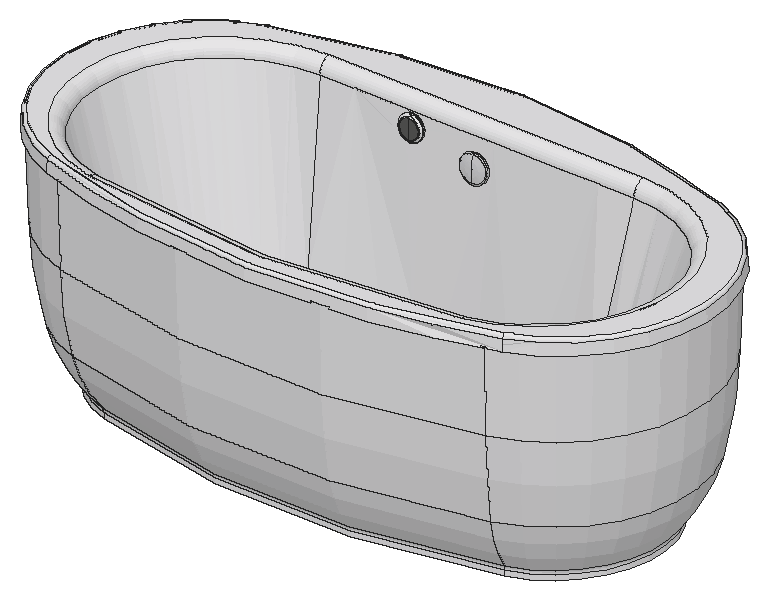
Revit family "Bath-Freestanding-BubbleMassage-Air_Bath-KOHLER-Sunstruck-K-1967", category Plumbing Fixtures, host Face, Revit 2015
Parameters (values of type "0-White")
  Width = 35 1/2"  # constant formula
  Waste Water Outlet = "Waste Water Outlet"  # constant formula
  Waste Connection = 1 = 1  # yes
  Voltage = 120 V  # constant formula
  Vent Connection = 1 = 0  # no
  URL = "https://www.us.kohler.com/us/"
  Type = 1
  Pump Electrical Connector = "Pump Electrical Connector"  # constant formula
  Product Page URL = "http://www.us.kohler.com/us/catalog/productDetails.jsp?productNumber=1967-G"
  Product Name = "Sunstruck"  # constant formula
  Product Documentation Link = "http://www.us.kohler.com/onlinecatalog/pdf/K-1967-G_spec.pdf"
  Model = if(Type = 1, "K-1967-G-0", if(Type = 2, "K-1967-G-96", "NA"))  # "K-1967-G-0"
  Material = "Acrylic"  # constant formula
  MasterFormat 2004 = "22.41.19"  # constant formula
  MasterFormat 1995 = "15410"  # constant formula
  Manufacturer Address = "444 Highland Dr, Kohler, WI 53044"  # constant formula
  Manufacturer = "KOHLER Co."  # constant formula
  Length = 65 1/2"  # constant formula
  Hot Water Inlet = "Hot Water Inlet"  # constant formula
  Height = 24 1/2"  # constant formula
  Heater Electrical Connector = "Heater Electrical Connector"  # constant formula
  HW Connection = 1 = 0  # no
  Finish = Kohler-Acrylic-0-White
  Environmental Product Declaration = ""
  Electrical Note = "One dedicated circuit required, protected with Class A Ground-Fault Circuit-Interrupter (GFCI) or Residual Current Device (RCD)"  # constant formula
  Electrical Connector = 1 = 1  # yes
  Drain Included = 1 = 0  # no
  Description = "66inch x 36inch oval freestanding BubbleMassage Air Bath with fluted shroud"  # constant formula
  Default Elevation = 0"
  Declare Label = ""
  Date Modified = "11/19/2018"  # constant formula
  Date Created = "11/19/2018"  # constant formula
  Copyright = "Copyright KOHLER Co."  # constant formula
  Contact Us = "https://www.us.kohler.com/us/static/contact.jsp"
  Cold Water Inlet = "Cold Water Inlet"  # constant formula
  CW Connection = 1 = 0  # no
  Blower Electrical Connector = "Blower Electrical Connector"  # constant formula
  Assembly Code = "D2010500"
  Apparent Load = 1800 VA  # constant formula
  Amplifier Electrical Connector = "Amplifier Electrical Connector"  # constant formula
  ADA Compliant = 1 = 0  # no
Types (3): name | Type | Model | Finish
  (no name) | 1 | "K-1967-G-0" | Kohler-Acrylic-0-White
  0-White | 1 | "K-1967-G-0" | Kohler-Acrylic-0-White
  96-Biscuit | 2 | "K-1967-G-96" | Kohler-Acrylic-96-Biscuit
Reference planes (in)
  plane 1 "Center (Front/Back)": y = 0
  plane 2: z = 0
  plane 3 "Center (Left/Right)": x = 0
  plane 4: y = 17.75
  plane 5: y = -17.75
  plane 6: x = -32.75
  plane 7: x = 32.75
  plane 8: y = 11.6875
  plane 9: y = -1.75
  plane 10: z = 24.5
Dimensions and locks (in)
  "Length": plane 6 to plane 7
  "Width": plane 5 to plane 4
  plane 8 to plane 4 = 6 1/16"
  plane 9 to plane 4 = 19 1/2"
  "Height": plane 10 to plane 2
  aligned and locked: plane 2 to host face
  aligned and locked: level to host face
Automatic sketch dimensions
  host sketch curve to host sketch curve = 96"  (x2)
Nested families (in)
  nested 1: "K-1967-G" at (0, 0, 0), type "K-1967-G"
Connectors (in)
  piping at (0, -1.75, 2.16901), diameter 1.5, driven by "Waste Connection", driven by "Waste Water Outlet"
    settings: on nested 1, index 1, connector inside diameter 24", connector length 0", flow factor 0, pipe flow 0 GPM, pressure drop 0.00 psi, fitting loss kfactor 0, connector angle 0.00°, fixture units 0, engagement length 0", angle of deflection 0.00°, flow configuration 0, flow direction 2, fitting loss method 0, system type 16, joint type 0, gender type 0, connector reference index -1, connector utility 1, adjustable connector no, is connector primary yes, connector description "Waste Water Outlet"
  electrical at (-6.48092, 13.7669, 3.14819), driven by "Voltage", driven by "Apparent Load", driven by "Electrical Connector", driven by "Blower Electrical Connector"
    settings: on nested 1, index 2, voltage 120 V, apparent load 1800 VA, apparent load phase1 0 VA, apparent load phase2 0 VA, apparent load phase3 0 VA, power factor 1, load classification "Power", number of poles 1, system type 30, power factor state 1, is connector primary yes, connector utility yes, sub classification motor no, connector description "Blower Electrical Connector"
Definition of nested family "K-1967-G"
  Parameters (values of type "K-1967-G")
    Material = none
    Drain material = none
  Reference planes (in)
    plane 1 "Center (Front/Back)": y = 0
    plane 2: z = 0
    plane 3 "Center (Left/Right)": x = 0
    plane 4: x = 32.75
    plane 5: z = 24.5
    plane 6 "A": x = -6.48092
    plane 7: z = 24.5
    plane 8: x = -32.75
    plane 9: y = 17.75
    plane 10: y = -17.75
    plane 11: y = 11.6875
    plane 12 "B": x = 6.48092
    plane 13: y = -1.75
  Forms (in)
    Sweep 1, solid, material <- "Material", detail levels medium+fine
      path origin (0, -0.04277, 0) x (1, 0, 0) y (0, 1, 0)
        loop
          arc (21.72661, -14.69696) -> (32.60257, 0.04277) -> (21.72661, 14.78251) r 15.42605
          arc (21.72661, 14.78251) -> (-0.02801, 18.06389) -> (-21.78263, 14.78251) r 73.75415
          arc (-21.78263, 14.78251) -> (-32.6586, 0.04277) -> (-21.78263, -14.69696) r 15.42605
          arc (-21.78263, -14.69696) -> (-0.02801, -17.97834) -> (21.72661, -14.69696) r 73.75415
      profile origin (-0.02801, -18.02111, 0) x (0, -1, 0) y (0, 0, 1)
        loop
          line (-0.4345, 23.13802) -> (-0.93475, 23.13802) -> (-1.19445, 14.90118)
          arc (-1.19445, 14.90118) -> (-1.54469, 10.74957) -> (-2.32929, 6.65776) r 39.58955
          arc (-2.32929, 6.65776) -> (-3.33144, 3.94972) -> (-4.91176, 1.53304) r 12.87836
          arc (-4.91176, 1.53304) -> (-5.131, 1.14887) -> (-5.20709, 0.71314) r 1.28578
          line (-5.20709, 0.71314) -> (-5.20709, 0) -> (-4.88474, 0) -> (-4.88474, 0.51602)
          arc (-4.88474, 0.51602) -> (-4.83773, 0.77736) -> (-4.7026, 1.00595) r 0.75
          arc (-4.7026, 1.00595) -> (-2.9469, 3.60328) -> (-1.84387, 6.53789) r 13.37836
          arc (-1.84387, 6.53789) -> (-1.04936, 10.68138) -> (-0.6947, 14.88542) r 40.08955
          line (-0.6947, 14.88542) -> (-0.4345, 23.13802)
    Sweep 2, solid, material <- "Material", detail levels medium+fine
      path origin (0, -0.31152, 0) x (1, 0, 0) y (0, 1, 0)
        loop
          arc (-23.11404, -13.59407) -> (0, -17.43849) -> (23.11404, -13.59407) r 71.40724
          arc (23.11404, -13.59407) -> (32.75, 0.31152) -> (23.11404, 14.21712) r 14.85153
          arc (23.11404, 14.21712) -> (0, 18.06154) -> (-23.11404, 14.21712) r 71.40724
          arc (-23.11404, 14.21712) -> (-32.75, 0.31152) -> (-23.11404, -13.59407) r 14.85153
      profile origin (0, -17.75002, 0) x (0, 1, 0) y (0, 0, 1)
        loop
          line (0.00002, 23.01054) -> (0.11383, 23.01054) -> (0.2108, 24.11893)
          arc (0.2108, 24.11893) -> (0.29095, 24.28146) -> (0.45985, 24.34714) r 0.25
          line (0.45985, 24.34714) -> (0.61532, 24.34714) -> (0.61532, 24.5) -> (0.45098, 24.5)
          arc (0.45098, 24.5) -> (0.21457, 24.40807) -> (0.10238, 24.18057) r 0.34993
          line (0.10238, 24.18057) -> (0.00002, 23.01054)
    Sweep 3, solid, material <- "Material", detail levels medium+fine
      path origin (-0.65125, 0.37045, 0) x (1, 0, 0) y (0, 1, 0)
        loop
          arc (-13.80583, -12.20259) -> (0.30466, -13.64071) -> (14.40809, -12.13485) r 68.33389
          arc (14.40809, -12.13485) -> (22.61849, -2.05633) -> (14.545, 8.13219) r 10.37734
          arc (14.545, 8.13219) -> (0.24308, 9.71884) -> (-14.04948, 8.05002) r 63.60432
          arc (-14.04948, 8.05002) -> (-22.05987, -2.17412) -> (-13.80583, -12.20259) r 10.37154
      profile origin (-0.34659, -13.27026, 0) x (-0.002401, 0.999997, 0) y (0, 0, 1)
        loop
          line (-0.24, 6.51001) -> (-0.57074, 6.51001)
          arc (-0.57074, 6.51001) -> (0.5314, 4.46811) -> (2.71442, 3.68166) r 3.25
          line (2.71442, 3.68166) -> (3.01867, 3.68166) -> (3.01867, 4.03096) -> (2.71442, 4.03096)
          arc (2.71442, 4.03096) -> (0.78606, 4.73282) -> (-0.24, 6.51001) r 3
    Revolve 4, solid, material <- "Drain material", detail levels medium+fine
      sketch origin (0, -1.53027, -0.00106) x (0, 1, 0) y (0, 0, 1)
        loop
          line (13.43649, 20.42625) -> (12.55971, 20.48756)
          arc (12.55971, 20.48756) -> (12.54804, 19.82068) -> (12.6107, 19.15665) r 5.98011
          arc (12.6107, 19.15665) -> (12.6367, 19.1057) -> (12.68808, 19.08057) r 0.09037
          line (12.68808, 19.08057) -> (13.2483, 19.00565) -> (13.25711, 19.11625)
          arc (13.25711, 19.11625) -> (13.26951, 19.14061) -> (13.2958, 19.14811) r 0.03422
          line (13.2958, 19.14811) -> (13.34664, 19.14131) -> (13.43649, 20.42625)
        axis (12.55971, 20.48756) -> (13.43649, 20.42625)
      angle from 0 to 360
    Revolve 5, solid, material <- "Material", detail levels medium+fine
      sketch origin (0, 0, 0.0625) x (0, 1, 0) y (0, 0, 1)
        loop
          line (-1.75, 3.61916) -> (-1.75, 2.10651) -> (-1, 2.10651) -> (-1, 1.93586) -> (-0.80456, 1.93586) -> (-0.80456, 3.18586) -> (-0.44439, 3.18586)
          arc (-0.44439, 3.18586) -> (-0.27573, 3.2194) -> (-0.13275, 3.31494) r 0.44072
          line (-0.13275, 3.31494) -> (0.09371, 3.5414)
          arc (0.09371, 3.5414) -> (0.17783, 3.59812) -> (0.27708, 3.61916) r 0.2656
          line (0.27708, 3.61916) -> (-1.75, 3.61916)
        axis (-1.75, 3.61916) -> (-1.75, 1.93586)
      angle from 0 to 360
    Sweep 6, solid, material <- "Material", detail levels medium+fine
      path origin (0, 0, 0) x (1, 0, 0) y (0, 1, 0)
        loop
          arc (-15.91994, 11.6875) -> (-28.29768, 0.47984) -> (-18.37017, -12.94642) r 12.43882
          arc (-18.37017, -12.94642) -> (0.12996, -14.68833) -> (18.58936, -12.55759) r 89.15619
          arc (18.58936, -12.55759) -> (28.11574, 0.76078) -> (15.91994, 11.6875) r 12.2695
          line (15.91994, 11.6875) -> (-15.91994, 11.6875)
      profile origin (0, 11.6875, 0) x (0, 1, 0) y (0, 0, 1)
        loop
          line (0.003, 23.24357) -> (0.33352, 23.24357)
          arc (0.33352, 23.24357) -> (0.68246, 24.02627) -> (1.47708, 24.34717) r 1.14428
          line (1.47708, 24.34717) -> (1.56336, 24.34717) -> (1.56336, 24.5) -> (1.27278, 24.5)
          arc (1.27278, 24.5) -> (0.37961, 24.1328) -> (0.003, 23.24357) r 1.26985
    Revolve 7, solid, material <- "Material", detail levels medium+fine
      sketch origin (-6.48092, -0.875, -0.04794) x (0, -1, 0) y (0, 0, 1)
        loop
          line (-12.3897, 23.13673) -> (-12.73416, 23.13673) -> (-12.66577, 21.84664) -> (-12.35592, 21.86307) -> (-12.40865, 22.85769) -> (-12.10825, 22.85769) -> (-12.10825, 22.89457)
          arc (-12.10825, 22.89457) -> (-12.11502, 22.91632) -> (-12.13295, 22.93038) r 0.03831
          arc (-12.13295, 22.93038) -> (-12.26362, 23.0067) -> (-12.36238, 23.12135) r 0.45913
          arc (-12.36238, 23.12135) -> (-12.37402, 23.13262) -> (-12.3897, 23.13673) r 0.03195
        axis (-12.05441, 21.87905) -> (-12.66577, 21.84664)
      angle from 0 to 360
    Revolve 8, solid, material <- "Drain material", detail levels medium+fine
      sketch origin (0, 0, 0) x (0, 1, 0) y (0, 0, 1)
        loop
          line (-1.75, 4.26235) -> (-1.75, 3.6439) -> (-0.38603, 3.6439) -> (0.06408, 4.04918)
          arc (0.06408, 4.04918) -> (0.07462, 4.09307) -> (0.03742, 4.11864) r 0.03984
          line (0.03742, 4.11864) -> (-0.18329, 4.11864)
          arc (-0.18329, 4.11864) -> (-0.24703, 4.10596) -> (-0.30106, 4.06985) r 0.16655
          line (-0.30106, 4.06985) -> (-0.40243, 3.96848)
          arc (-0.40243, 3.96848) -> (-0.45783, 3.93146) -> (-0.52319, 3.91846) r 0.17077
          line (-0.52319, 3.91846) -> (-1.20094, 3.91846) -> (-1.20094, 4.0675) -> (-0.40256, 4.0675)
          arc (-0.40256, 4.0675) -> (-0.37983, 4.07691) -> (-0.37042, 4.09963) r 0.03214
          line (-0.37042, 4.09963) -> (-0.37042, 4.14469)
          arc (-0.37042, 4.14469) -> (-0.37787, 4.16436) -> (-0.39647, 4.17416) r 0.02969
          arc (-0.39647, 4.17416) -> (-1.07196, 4.23785) -> (-1.75, 4.26235) r 11.72048
        axis (-1.75, 4.26235) -> (-1.75, 3.6439)
      angle from 0 to 360
    Revolve 9, solid, detail levels medium+fine
      sketch origin (-6.48092, -0.875, -0.04794) x (0, -1, 0) y (0, 0, 1)
        loop
          line (-12.05449, 21.87904) -> (-12.10576, 22.84617) -> (-12.37883, 22.84617) -> (-12.3268, 21.86461) -> (-12.05449, 21.87904)
        axis (-12.05449, 21.87904) -> (-12.3268, 21.86461)
      angle from 0 to 360
    Extrusion 10, solid, material <- "Material", detail levels medium+fine
      sketch origin (0, 0, 0) x (1, 0, 0) y (0, 1, 0)
        loop
          arc (-22.9063, 13.32634) -> (-32.13468, 0) -> (-22.9063, -13.32634) r 14.23621
          arc (-22.9063, -13.32634) -> (0, -17.1347) -> (22.9063, -13.32634) r 70.79193
          arc (22.9063, -13.32634) -> (32.13468, 0) -> (22.9063, 13.32634) r 14.23621
          arc (22.9063, 13.32634) -> (0, 17.1347) -> (-22.9063, 13.32634) r 70.79193
        loop
          line (15.91994, 13.25086) -> (-15.91994, 13.25086)
          arc (-15.91994, 13.25086) -> (-29.85336, 0.63458) -> (-18.67813, -14.47915) r 14.00218
          arc (-18.67813, -14.47915) -> (0.14641, -16.2516) -> (18.9295, -14.0835) r 90.71954
          arc (18.9295, -14.0835) -> (29.66971, 0.93187) -> (15.91994, 13.25086) r 13.83286
      from 24.34714 to 24.5
    Blend 11, solid, material <- "Material", detail levels medium+fine
      base sketch origin (0, 0, 0) x (1, 0, 0) y (0, 1, 0)
        loop
          arc (-14.57357, -12.39087) -> (-0.34522, -13.841) -> (13.876, -12.32256) r 68.90463
          arc (13.876, -12.32256) -> (22.53797, -1.68973) -> (14.02044, 9.05914) r 10.94807
          arc (14.02044, 9.05914) -> (-0.40981, 10.66002) -> (-14.83062, 8.97623) r 64.17506
          arc (-14.83062, 8.97623) -> (-23.28182, -1.81054) -> (-14.57357, -12.39087) r 10.94228
      top sketch origin (0, 0, 0) x (1, 0, 0) y (0, 1, 0)
        loop
          arc (18.66192, -12.88312) -> (28.44726, 0.79728) -> (15.91994, 12.02102) r 12.60302
          line (15.91994, 12.02102) -> (-15.91994, 12.02102)
          arc (-15.91994, 12.02102) -> (-28.62956, 0.51285) -> (-18.43587, -13.27341) r 12.77234
          arc (-18.43587, -13.27341) -> (0.13347, -15.02183) -> (18.66192, -12.88312) r 89.48971
      from 6.51001 to 23.24357
    Blend 12, void
      base sketch origin (0, 0, 0) x (1, 0, 0) y (0, 1, 0)
        loop
          arc (13.80695, -11.99911) -> (22.20724, -1.6875) -> (13.94702, 8.73666) r 10.61734
          arc (13.94702, 8.73666) -> (-0.40886, 10.32929) -> (-14.75535, 8.65417) r 63.84432
          arc (-14.75535, 8.65417) -> (-22.9511, -1.80656) -> (-14.50607, -12.06709) r 10.61154
          arc (-14.50607, -12.06709) -> (-0.34601, -13.51026) -> (13.80695, -11.99911) r 68.5739
      top sketch origin (0, 0, 0) x (1, 0, 0) y (0, 1, 0)
        loop
          arc (-15.91994, 11.6905) -> (-28.30066, 0.48014) -> (-18.37077, -12.94936) r 12.44182
          arc (-18.37077, -12.94936) -> (0.13, -14.69133) -> (18.59001, -12.56052) r 89.15918
          arc (18.59001, -12.56052) -> (28.11872, 0.7611) -> (15.91994, 11.6905) r 12.2725
          line (15.91994, 11.6905) -> (-15.91994, 11.6905)
      from 6.51001 to 23.24357
    Extrusion 13, solid, material <- "Material", detail levels medium+fine
      sketch origin (0, 0, 0) x (1, 0, 0) y (0, 1, 0)
        loop
          arc (-14.01373, 5.48102) -> (-19.69267, -1.76736) -> (-13.841, -8.87701) r 7.35287
          arc (-13.841, -8.87701) -> (-0.35384, -10.2516) -> (13.12657, -8.81227) r 65.31523
          arc (13.12657, -8.81227) -> (18.94865, -1.66549) -> (13.22365, 5.55929) r 7.35867
          arc (13.22365, 5.55929) -> (-0.3995, 7.07063) -> (-14.01373, 5.48102) r 60.58565
      from 3.68166 to 4.03096
    Revolve 14, void
      sketch origin (0, 0, 0) x (0, 1, 0) y (0, 0, 1)
        loop
          line (-1.75, 3.59695) -> (-0.44323, 3.59695)
          arc (-0.44323, 3.59695) -> (-0.37132, 3.61126) -> (-0.31035, 3.65199) r 0.18792
          line (-0.31035, 3.65199) -> (-0.1023, 3.86005)
          arc (-0.1023, 3.86005) -> (0.08701, 3.98654) -> (0.31031, 4.03096) r 0.58351
          line (0.31031, 4.03096) -> (-1.75, 4.03096) -> (-1.75, 3.59695)
        axis (-1.75, 3.59695) -> (-1.75, 4.03096)
      angle from 0 to 360
    Extrusion 15, solid, material <- "Material", detail levels medium+fine
      sketch origin (0, 0, 0) x (1, 0, 0) y (0, 1, 0)
        loop
          line (1.90491, -7.35311) -> (1.90491, 4.84189) -> (3.58491, 6.52189) -> (8.15491, 6.52189)
          arc (8.15491, 6.52189) -> (10.02991, 8.39689) -> (8.15491, 10.27189) r 1.875
          line (8.15491, 10.27189) -> (1.90491, 10.27189) -> (1.90491, 10.55317)
          arc (1.90491, 10.55317) -> (0, 12.45809) -> (-1.90491, 10.55317) r 1.90491
          line (-1.90491, 10.55317) -> (-1.90491, 10.27189) -> (-8.15491, 10.27189)
          arc (-8.15491, 10.27189) -> (-10.02991, 8.39689) -> (-8.15491, 6.52189) r 1.875
          line (-8.15491, 6.52189) -> (-3.58491, 6.52189) -> (-1.90491, 4.84189) -> (-1.90491, -7.35311)
          arc (-1.90491, -7.35311) -> (0, -9.25802) -> (1.90491, -7.35311) r 1.90491
        loop
          arc (20.19072, -9.76431) -> (27.39549, 0) -> (20.19072, 9.76431) r 10.21896
          arc (20.19072, 9.76431) -> (-0.02801, 12.81403) -> (-20.24675, 9.76431) r 68.54706
          arc (-20.24675, 9.76431) -> (-27.45151, 0) -> (-20.24675, -9.76431) r 10.21896
          arc (-20.24675, -9.76431) -> (-0.02801, -12.81403) -> (20.19072, -9.76431) r 68.54706
      from 0 to 0.2482
    Extrusion 16, solid, material <- "Material", detail levels medium+fine
      sketch origin (0, 0, 0) x (1, 0, 0) y (0, 0, 1)
        loop
          circle (-6.48092, 3.14819) r 0.25
      from -13.7669 to -13.54994
    Extrusion 17, solid, material <- "Material", detail levels coarse
      sketch origin (0, 0, 0) x (1, 0, 0) y (0, 1, 0)
        loop
          arc (23.11404, 13.9056) -> (0, 17.75002) -> (-23.11404, 13.9056) r 71.40724
          arc (-23.11404, 13.9056) -> (-32.75, 0) -> (-23.11404, -13.9056) r 14.85153
          arc (-23.11404, -13.9056) -> (0, -17.75002) -> (23.11404, -13.9056) r 71.40724
          arc (23.11404, -13.9056) -> (32.75, 0) -> (23.11404, 13.9056) r 14.85153
      from 0 to 24.5
    Blend 18, void
      base sketch origin (0, 0, 0) x (1, 0, 0) y (0, 1, 0)
        loop
          arc (-14.50607, -12.06709) -> (-0.34601, -13.51026) -> (13.80695, -11.99911) r 68.5739
          arc (13.80695, -11.99911) -> (22.20724, -1.6875) -> (13.94702, 8.73666) r 10.61734
          arc (13.94702, 8.73666) -> (-0.40886, 10.32929) -> (-14.75535, 8.65417) r 63.84432
          arc (-14.75535, 8.65417) -> (-22.9511, -1.80656) -> (-14.50607, -12.06709) r 10.61154
      top sketch origin (0, 0, 0) x (1, 0, 0) y (0, 1, 0)
        loop
          arc (-18.37077, -12.94936) -> (0.13, -14.69133) -> (18.59001, -12.56052) r 89.15918
          arc (18.59001, -12.56052) -> (28.11872, 0.7611) -> (15.91994, 11.6905) r 12.2725
          line (15.91994, 11.6905) -> (-15.91994, 11.6905)
          arc (-15.91994, 11.6905) -> (-28.30066, 0.48014) -> (-18.37077, -12.94936) r 12.44182
      from 3.6439 to 24.5
  Cuts and joins
    joined: Revolve 4, Revolve 8
    Revolve 14 cuts Revolve 5
    Blend 12 cuts Blend 11
    Revolve 14 cuts Extrusion 13
    joined: Sweep 2, Sweep 3, Revolve 5, Sweep 6, Revolve 7, Extrusion 10, Blend 11, Extrusion 13
    Blend 18 cuts Extrusion 17
    joined: Sweep 1, Extrusion 15
  Lines and regions (in)
    Masking region 1
      outline origin (0, 0, 0) x (1, 0, 0) y (0, 0, 1)
        loop
          arc (-32.29809, 24.5) -> (-32.53519, 24.4078) -> (-32.6477, 24.17964) r 0.35095
          line (-32.6477, 24.17964) -> (-32.74998, 23.01054) -> (-32.22183, 23.01054) -> (-31.95938, 14.68859)
          arc (-31.95938, 14.68859) -> (-31.87816, 13.17334) -> (-31.73033, 11.66313) r 34.46297
          arc (-31.73033, 11.66313) -> (-31.3294, 8.98638) -> (-30.77354, 6.33746) r 46.54007
          arc (-30.77354, 6.33746) -> (-29.72872, 3.56777) -> (-28.03212, 1.14201) r 11.89048
          arc (-28.03212, 1.14201) -> (-27.84065, 0.83067) -> (-27.77386, 0.47132) r 1
          line (-27.77386, 0.47132) -> (-27.77386, 0) -> (27.77386, 0) -> (27.77386, 0.47132)
          arc (27.77386, 0.47132) -> (27.84065, 0.83067) -> (28.03212, 1.14201) r 1
          arc (28.03212, 1.14201) -> (29.72872, 3.56777) -> (30.77354, 6.33746) r 11.89048
          arc (30.77354, 6.33746) -> (31.3294, 8.98638) -> (31.73033, 11.66313) r 46.54007
          arc (31.73033, 11.66313) -> (31.87816, 13.17334) -> (31.95938, 14.68859) r 34.46297
          line (31.95938, 14.68859) -> (32.22183, 23.01054) -> (32.74998, 23.01054) -> (32.6477, 24.17964)
          arc (32.6477, 24.17964) -> (32.53519, 24.4078) -> (32.29809, 24.5) r 0.35095
          line (32.29809, 24.5) -> (-32.29809, 24.5)
    Masking region 2
      outline origin (0, -0.32863, 0) x (0, 1, 0) y (0, 0, 1)
        loop
          line (17.62673, 24.5) -> (-16.96948, 24.5)
          arc (-16.96948, 24.5) -> (-17.20658, 24.4078) -> (-17.31909, 24.17964) r 0.35095
          line (-17.31909, 24.17964) -> (-17.42137, 23.01054) -> (-17.2526, 23.01054) -> (-16.96993, 14.04774)
          arc (-16.96993, 14.04774) -> (-16.52403, 9.61633) -> (-15.47486, 5.28788) r 32.4127
          arc (-15.47486, 5.28788) -> (-14.48668, 3.05092) -> (-13.03645, 1.08183) r 11.19792
          arc (-13.03645, 1.08183) -> (-12.86695, 0.81036) -> (-12.80775, 0.49585) r 0.86506
          line (-12.80775, 0.49585) -> (-12.80775, 0) -> (13.465, 0) -> (13.465, 0.49585)
          arc (13.465, 0.49585) -> (13.5242, 0.81036) -> (13.6937, 1.08183) r 0.86506
          arc (13.6937, 1.08183) -> (15.14393, 3.05092) -> (16.13211, 5.28788) r 11.19792
          arc (16.13211, 5.28788) -> (17.18128, 9.61633) -> (17.62718, 14.04774) r 32.4127
          line (17.62718, 14.04774) -> (17.90985, 23.01054) -> (18.07863, 23.01054) -> (17.97634, 24.17964)
          arc (17.97634, 24.17964) -> (17.86383, 24.4078) -> (17.62673, 24.5) r 0.35095
    Masking region 3
      outline origin (0, 0, 0) x (1, 0, 0) y (0, 1, 0)
        loop
          arc (-23.11404, -13.9056) -> (0, -17.75002) -> (23.11404, -13.9056) r 71.40724
          arc (23.11404, -13.9056) -> (32.75, 0) -> (23.11404, 13.9056) r 14.85153
          arc (23.11404, 13.9056) -> (0, 17.75002) -> (-23.11404, 13.9056) r 71.40724
          arc (-23.11404, 13.9056) -> (-32.75, 0) -> (-23.11404, -13.9056) r 14.85153
    symbolic lines, detail levels medium+fine
      curve 1: line (-32.22183, 0, 23.01054) -> (32.22183, 0, 23.01054)
      curve 2: line (-27.77696, 0, 0.55003) -> (27.77696, 0, 0.55003)
      curve 3: line (0, 17.58122, 23.01054) -> (0, -17.58122, 23.01054)
      curve 4: line (0, 13.13638, 0.55003) -> (0, -13.13807, 0.55003)
      curve 5: arc (-18.37077, -12.94936, 0) -> (-28.30066, 0.48014, 0) -> (-15.91994, 11.6905, 0) r 12.44182
      curve 6: arc (18.59001, -12.56052, 0) -> (0.13, -14.69133, 0) -> (-18.37077, -12.94936, 0) r 89.15918
      curve 7: arc (15.91994, 11.6905, 0) -> (28.11872, 0.7611, 0) -> (18.59001, -12.56052, 0) r 12.2725
      curve 8: line (-15.91994, 11.6905, 0) -> (15.91994, 11.6905, 0)
      curve 9: arc (-14.75535, 8.65417, 0) -> (-0.40886, 10.32929, 0) -> (13.94702, 8.73666, 0) r 63.84432
      curve 10: arc (-14.50607, -12.06709, 0) -> (-22.9511, -1.80656, 0) -> (-14.75535, 8.65417, 0) r 10.61154
      curve 11: arc (13.80695, -11.99911, 0) -> (-0.34601, -13.51026, 0) -> (-14.50607, -12.06709, 0) r 68.5739
      curve 12: arc (13.94702, 8.73666, 0) -> (22.20724, -1.6875, 0) -> (13.80695, -11.99911, 0) r 10.61734
      curve 13: circle (0, -1.75, 0) r 2.02708 normal (0, 0, -1)
      curve 14: circle (0, -1.75, 0) r 1.36397 normal (0, 0, -1)
      curve 15: spline (-5.50081, 11.17982, 0) -> (-5.5342, 11.19337, 0) -> (-5.63212, 11.206, 0) -> (-5.78788, 11.21685, 0) -> (-5.99086, 11.22517, 0) -> (-6.22725, 11.2304, 0) -> (-6.48092, 11.23219, 0) -> (-6.7346, 11.2304, 0) -> (-6.97098, 11.22517, 0) -> (-7.17397, 11.21685, 0) -> (-7.32973, 11.206, 0) -> (-7.42764, 11.19337, 0) -> (-7.46104, 11.17982, 0) -> (-7.42764, 11.16627, 0) -> (-7.32973, 11.15364, 0) -> (-7.17397, 11.14279, 0) -> (-6.97098, 11.13447, 0) -> (-6.7346, 11.12924, 0) -> (-6.48092, 11.12745, 0) -> (-6.22725, 11.12924, 0) -> (-5.99086, 11.13447, 0) -> (-5.78788, 11.14279, 0) -> (-5.63212, 11.15364, 0) -> (-5.5342, 11.16627, 0) -> (-5.50081, 11.17982, 0)
      curve 16: spline (-5.46398, 11.17982, 0) -> (-5.49863, 11.19337, 0) -> (-5.60024, 11.206, 0) -> (-5.76188, 11.21685, 0) -> (-5.97252, 11.22517, 0) -> (-6.21782, 11.2304, 0) -> (-6.48107, 11.23219, 0) -> (-6.74431, 11.2304, 0) -> (-6.98961, 11.22517, 0) -> (-7.20026, 11.21685, 0) -> (-7.36189, 11.206, 0) -> (-7.4635, 11.19337, 0) -> (-7.49816, 11.17982, 0) -> (-7.4635, 11.16627, 0) -> (-7.36189, 11.15364, 0) -> (-7.20026, 11.14279, 0) -> (-6.98961, 11.13447, 0) -> (-6.74431, 11.12924, 0) -> (-6.48107, 11.12745, 0) -> (-6.21782, 11.12924, 0) -> (-5.97252, 11.13447, 0) -> (-5.76188, 11.14279, 0) -> (-5.60024, 11.15364, 0) -> (-5.49863, 11.16627, 0) -> (-5.46398, 11.17982, 0)
      curve 17: line (-7.75939, 11.5375, 0) -> (-7.75455, 11.44849, 0)
      curve 18: spline (-5.20245, 11.5375, 0) -> (-5.24601, 11.57315, 0) -> (-5.37373, 11.60637, 0) -> (-5.57691, 11.63489, 0) -> (-5.84169, 11.65678, 0) -> (-6.15003, 11.67054, 0) -> (-6.48092, 11.67523, 0) -> (-6.81182, 11.67054, 0) -> (-7.12016, 11.65678, 0) -> (-7.38494, 11.63489, 0) -> (-7.58811, 11.60637, 0) -> (-7.71583, 11.57315, 0) -> (-7.75939, 11.5375, 0)
      curve 19: arc (-7.73354, 11.41593, 0) -> (-7.6196, 11.33, 0) -> (-7.53975, 11.21173, 0) r 0.43339
      curve 20: arc (-7.75455, 11.44849, 0) -> (-7.74836, 11.42942, 0) -> (-7.73354, 11.41593, 0) r 0.03909
      curve 21: arc (-7.53975, 11.21173, 0) -> (-7.50569, 11.1748, 0) -> (-7.45642, 11.16497, 0) r 0.08119
      curve 22: spline (-7.46104, 11.17982, 0) -> (-7.42764, 11.19337, 0) -> (-7.32973, 11.206, 0) -> (-7.17397, 11.21685, 0) -> (-6.97098, 11.22517, 0) -> (-6.7346, 11.2304, 0) -> (-6.48092, 11.23219, 0) -> (-6.22725, 11.2304, 0) -> (-5.99086, 11.22517, 0) -> (-5.78788, 11.21685, 0) -> (-5.63212, 11.206, 0) -> (-5.5342, 11.19337, 0) -> (-5.50081, 11.17982, 0) -> (-5.5342, 11.16627, 0) -> (-5.63212, 11.15364, 0) -> (-5.78788, 11.14279, 0) -> (-5.99086, 11.13447, 0) -> (-6.22725, 11.12924, 0) -> (-6.48092, 11.12745, 0) -> (-6.7346, 11.12924, 0) -> (-6.97098, 11.13447, 0) -> (-7.17397, 11.14279, 0) -> (-7.32973, 11.15364, 0) -> (-7.42764, 11.16627, 0) -> (-7.46104, 11.17982, 0)
      curve 23: line (-5.20245, 11.5375, 0) -> (-5.2073, 11.44849, 0)
      curve 24: arc (-5.22831, 11.41593, 0) -> (-5.34225, 11.33, 0) -> (-5.4221, 11.21173, 0) r 0.43339
      curve 25: arc (-5.2073, 11.44849, 0) -> (-5.21348, 11.42942, 0) -> (-5.22831, 11.41593, 0) r 0.03909
      curve 26: arc (-5.4221, 11.21173, 0) -> (-5.45623, 11.17475, 0) -> (-5.5056, 11.16499, 0) r 0.08119
      curve 27: spline (1.41532, 11.58219, 0) -> (1.32696, 11.60503, 0) -> (1.164, 11.62577, 0) -> (0.93559, 11.64326, 0) -> (0.65457, 11.6565, 0) -> (0.33675, 11.66476, 0) -> (0, 11.66757, 0) -> (-0.33675, 11.66476, 0) -> (-0.65457, 11.6565, 0) -> (-0.93559, 11.64326, 0) -> (-1.164, 11.62577, 0) -> (-1.32696, 11.60503, 0) -> (-1.41532, 11.58219, 0)
      curve 28: line (-1.41532, 11.58219, 0) -> (-1.3947, 11.25732, 0)
      curve 29: arc (-1.30786, 11.15618, 0) -> (0, 11.01489, 0) -> (1.30786, 11.15618, 0) r 6.12378
      curve 30: arc (-1.3947, 11.25732, 0) -> (-1.36821, 11.19222, 0) -> (-1.30786, 11.15618, 0) r 0.11071
      curve 31: line (1.41532, 11.58219, 0) -> (1.3947, 11.25732, 0)
      curve 32: arc (1.3947, 11.25732, 0) -> (1.36821, 11.19222, 0) -> (1.30786, 11.15618, 0) r 0.11071
  Dimensions and locks (in)
    plane 5 to level = 24 1/2"
    plane 7 to level = 24 1/2"
    equal spacing: plane 8, plane 3 "Center (Left/Right)", plane 4
    locked: plane 8 to plane 4 at 65.5
    locked: plane 10 to plane 9 at 35.5
    equal spacing: plane 9, plane 1 "Center (Front/Back)", plane 10
    locked: plane 9 to plane 11 at 6.0625
    plane 9 to plane 13 = 19 1/2"
    aligned and locked: plane 2 to level
  Automatic sketch dimensions
    curve 13 to curve 14 = 0"  (x2)
    curve 18 to plane 6 "A" = 0"
    curve 29 to plane 3 "Center (Left/Right)" = 0"
    curve 13 to plane 3 "Center (Left/Right)" = 0"
    curve 27 to plane 3 "Center (Left/Right)" = 0"
    curve 21 to plane 11 = 0.4419"
    plane 6 "A" to curve 21 = 0.98503"
    curve 20 to curve 21 = 0.24956"
    curve 17 to plane 11 = 0.23901"
    curve 17 to curve 20 = 0.03903"
    curve 17 to plane 11 = 0.15"
    curve 17 to curve 20 = 0.00485"
    curve 19 to curve 17 = 0.17941"
    plane 6 "A" to curve 10 = 5.85941"
    plane 1 "Center (Front/Back)" to curve 5 = 0.75132"
    curve 5 to curve 10 = 3.57961"
    curve 26 to curve 18 = 0.29344"
    curve 25 to curve 18 = 0.04388"
    curve 23 to plane 11 = 0.23901"
    curve 25 to curve 23 = 0.03903"
    curve 25 to curve 24 = 0.17941"
    curve 28 to plane 11 = 0.10531"
    curve 28 to plane 3 "Center (Left/Right)" = 1.41532"
    curve 28 to plane 11 = 0.43018"
    curve 27 to curve 28 = 0.02062"
    curve 28 to curve 30 = 0.11048"
    curve 6 to plane 3 "Center (Left/Right)" = 0.80795"
    curve 11 to plane 3 "Center (Left/Right)" = 0.51065"
    curve 9 to plane 3 "Center (Left/Right)" = 0.22538"
    curve 32 to plane 11 = 0.42317"
    plane 3 "Center (Left/Right)" to curve 32 = 1.28421"
    curve 31 to plane 11 = 0.43018"
    curve 32 to curve 31 = 0.11048"
    curve 31 to plane 11 = 0.10531"
    plane 12 "B" to curve 12 = 5.10922"
    plane 1 "Center (Front/Back)" to curve 7 = 0.582"
    curve 12 to curve 7 = 4.3298"
    plane 10 to curve 9 = 35.76477"
    curve 24 to curve 25 = 0.41683"
    curve 19 to curve 17 = 0.41682"
    curve 26 to curve 23 = 0.20289"
    curve 28 to curve 30 = 0.00701"
    curve 23 to curve 25 = 0.00213"
    curve 20 to curve 20 = 0.00213"
    curve 23 to curve 18 = 0"
    plane 11 to curve 8 = 0.003"
    curve 29 to plane 9 = 0.61132"
    plane 9 to curve 11 = 37.31344"
    curve 11 to curve 6 = 19.39949"
    plane 6 "A" to curve 22 = 0"
    curve 16 to curve 22 = 0.00014"
    curve 21 to curve 21 = 0.00954"
    curve 22 to curve 21 = 0.00462"
    curve 19 to curve 21 = 0.07379"
    curve 17 to curve 20 = 0.02101"
    curve 5 to curve 10 = 3.8647"
    curve 11 to curve 10 = 0"
    curve 9 to curve 10 = 0"
    curve 6 to curve 5 = 0"
    curve 15 to plane 6 "A" = 0"
    curve 26 to curve 26 = 0.00971"
    curve 26 to curve 15 = 0.0048"
    curve 15 to curve 16 = 0.03683"
    curve 16 to curve 24 = 0.04188"
    curve 24 to curve 23 = 0.02101"
    curve 27 to curve 27 = 0.01495"
    curve 29 to curve 30 = 0"
    curve 12 to curve 11 = 0"
    curve 16 to curve 15 = 0"
    curve 21 to curve 22 = 0.01485"
    curve 27 to plane 11 = 0.1197"
    plane 1 "Center (Front/Back)" to Sweep 1 sketch curve = 0"  (x2)
    plane 6 "A" to Sweep 1 sketch curve = 10.75162"
    Sweep 1 sketch curve to plane 3 "Center (Left/Right)" = 0.02801"  (x2)
    plane 12 "B" to Sweep 1 sketch curve = 10.6956"
    plane 10 to Sweep 1 sketch curve = 37.98303"
    plane 9 to Sweep 1 sketch curve = 37.98303"
    Sweep 1 sketch curve to plane 9 = 3.01027"
    Sweep 1 sketch curve to Sweep 1 sketch curve = 0"  (x9)
    plane 1 "Center (Front/Back)" to Sweep 2 sketch curve = 0"  (x2)
    Sweep 2 sketch curve to plane 3 "Center (Left/Right)" = 0"  (x2)
    plane 6 "A" to Sweep 2 sketch curve = 11.41755"
    plane 12 "B" to Sweep 2 sketch curve = 11.41755"
    plane 10 to Sweep 2 sketch curve = 35.90723"
    plane 9 to Sweep 2 sketch curve = 35.90723"
    plane 11 to Sweep 2 sketch curve = 2.2181"
    plane 8 to Sweep 2 sketch curve = 9.63596"
    Sweep 2 sketch curve to plane 10 = 3.8444"  (x2)
    Sweep 2 sketch curve to profile plane = 0"
    Sweep 2 sketch curve to profile plane = 0.10238"
    Sweep 2 sketch curve to Sweep 2 sketch curve = 0.11381"
    Sweep 2 sketch curve to Sweep 2 sketch curve = 0.10842"
    Sweep 2 sketch curve to Sweep 2 sketch curve = 0.24018"
    Sweep 2 sketch curve to Sweep 2 sketch curve = 0.00887"
    Sweep 2 sketch curve to Sweep 2 sketch curve = 0.16433"
    level to Sweep 2 sketch curve = 23.01054"
    Sweep 2 sketch curve to Sweep 2 sketch curve = 1.0866"
    Sweep 2 sketch curve to Sweep 2 sketch curve = 0.02179"
    Sweep 2 sketch curve to Sweep 2 sketch curve = 0.05293"
    Sweep 2 sketch curve to Sweep 2 sketch curve = 0.06164"
    plane 6 "A" to Sweep 3 sketch curve = 5.85941"
    Sweep 3 sketch curve to plane 3 "Center (Left/Right)" = 0.51065"
    Sweep 3 sketch curve to plane 3 "Center (Left/Right)" = 0.22538"
    plane 12 "B" to Sweep 3 sketch curve = 5.10922"
    plane 10 to Sweep 3 sketch curve = 35.76477"
    plane 9 to Sweep 3 sketch curve = 37.31344"
    Sweep 3 sketch curve to plane 10 = 5.91786"
    Sweep 3 sketch curve to Sweep 3 sketch curve = 0"  (x4)
    profile plane to Sweep 3 sketch curve = 0.57074"
    profile plane to Sweep 3 sketch curve = 0.24"
    Sweep 3 sketch curve to profile plane = 2.65187"
    Sweep 3 sketch curve to Sweep 3 sketch curve = 0.06255"
    Sweep 3 sketch curve to Sweep 3 sketch curve = 0.30425"
    level to Sweep 3 sketch curve = 3.68166"
    Sweep 3 sketch curve to Sweep 3 sketch curve = 0.3493"
    Sweep 3 sketch curve to Sweep 3 sketch curve = 2.47906"
    Revolve 4 sketch curve to plane 11 = 0.65806"
    Revolve 4 sketch curve to plane 11 = 0.52969"
    Revolve 4 sketch curve to Revolve 4 sketch curve = 0.01198"
    plane 11 to Revolve 4 sketch curve = 0.03053"
    plane 11 to Revolve 4 sketch curve = 0.03934"
    Revolve 4 sketch curve to Revolve 4 sketch curve = 0.03416"
    Revolve 4 sketch curve to Revolve 4 sketch curve = 0.00454"
    Revolve 4 sketch curve to Revolve 4 sketch curve = 0.05083"
    plane 11 to Revolve 4 sketch curve = 0.21872"
    Revolve 4 sketch curve to plane 9 = 0.75651"
    Revolve 4 sketch curve to plane 7 = 5.49541"
    Revolve 4 sketch curve to Revolve 4 sketch curve = 0.07492"
    Revolve 4 sketch curve to Revolve 4 sketch curve = 0.10854"
    Revolve 4 sketch curve to Revolve 4 sketch curve = 0.00206"
    Revolve 4 sketch curve to Revolve 4 sketch curve = 0.0068"
    Revolve 4 sketch curve to Revolve 4 sketch curve = 0.08957"
    Revolve 4 sketch curve to plane 7 = 4.45147"
    Revolve 4 sketch curve to Revolve 4 sketch curve = 1.27814"
    Revolve 4 sketch curve to Revolve 4 sketch curve = 0.00318"
    Revolve 4 sketch curve to Revolve 4 sketch curve = 0.12397"
    Revolve 4 sketch curve to Revolve 4 sketch curve = 0.00867"
    Revolve 4 sketch curve to Revolve 4 sketch curve = 0.00022"
    plane 1 "Center (Front/Back)" to Revolve 5 sketch curve = 0.80456"
    plane 1 "Center (Front/Back)" to Revolve 5 sketch curve = 0.44439"
    plane 1 "Center (Front/Back)" to Revolve 5 sketch curve = 0.13275"
    Revolve 5 sketch curve to plane 1 "Center (Front/Back)" = 0.09371"
    Revolve 5 sketch curve to Revolve 5 sketch curve = 0.18338"
    Revolve 5 sketch curve to Revolve 5 sketch curve = 0.00443"
    level to Revolve 5 sketch curve = 1.99836"
    Revolve 5 sketch curve to Revolve 5 sketch curve = 0.17066"
    Revolve 5 sketch curve to Revolve 5 sketch curve = 1.07934"
    Revolve 5 sketch curve to Revolve 5 sketch curve = 0.12909"
    Revolve 5 sketch curve to Revolve 5 sketch curve = 0.03866"
    Revolve 5 sketch curve to Revolve 5 sketch curve = 0.18781"
    Revolve 5 sketch curve to Revolve 5 sketch curve = 0.3304"
    Revolve 5 sketch curve to Revolve 5 sketch curve = 0.4196"
    Sweep 6 sketch curve to plane 11 = 0"
    plane 6 "A" to Sweep 6 sketch curve = 9.43902"
    Sweep 6 sketch curve to plane 3 "Center (Left/Right)" = 0.80795"
    plane 12 "B" to Sweep 6 sketch curve = 9.43902"
    plane 1 "Center (Front/Back)" to Sweep 6 sketch curve = 0.582"
    plane 1 "Center (Front/Back)" to Sweep 6 sketch curve = 0.75132"
    plane 9 to Sweep 6 sketch curve = 56.71292"
    Sweep 6 sketch curve to Sweep 6 sketch curve = 0"
    Sweep 6 sketch curve to profile plane = 0.003"
    Sweep 6 sketch curve to Sweep 6 sketch curve = 0.33052"
    Sweep 6 sketch curve to profile plane = 1.27278"
    Sweep 6 sketch curve to Sweep 6 sketch curve = 0.2043"
    Sweep 6 sketch curve to Sweep 6 sketch curve = 0.08628"
    level to Sweep 6 sketch curve = 23.20288"
    Sweep 6 sketch curve to Sweep 6 sketch curve = 0.02726"
    Sweep 6 sketch curve to Sweep 6 sketch curve = 0.01342"
    plane 11 to Revolve 7 sketch curve = 0.17166"
    plane 11 to Revolve 7 sketch curve = 0.10328"
    Revolve 7 sketch curve to plane 11 = 0.15385"
    Revolve 7 sketch curve to plane 11 = 0.1728"
    Revolve 7 sketch curve to plane 11 = 0.20658"
    Revolve 7 sketch curve to Revolve 7 sketch curve = 0.26209"
    Revolve 7 sketch curve to Revolve 7 sketch curve = 0.03831"
    Revolve 7 sketch curve to Revolve 7 sketch curve = 0.41981"
    Revolve 7 sketch curve to plane 7 = 2.7013"
    Revolve 7 sketch curve to Revolve 7 sketch curve = 0.01643"
    Revolve 7 sketch curve to Revolve 7 sketch curve = 0.03688"
    Revolve 7 sketch curve to Revolve 7 sketch curve = 0.03195"
    Revolve 7 sketch curve to Revolve 7 sketch curve = 0.22286"
    Revolve 7 sketch curve to Revolve 7 sketch curve = 0.68563"
    Revolve 7 sketch curve to Revolve 7 sketch curve = 0.3761"
    Revolve 7 sketch curve to Revolve 7 sketch curve = 0"
    Revolve 7 sketch curve to Revolve 7 sketch curve = 0.03635"
    Revolve 7 sketch curve to Revolve 7 sketch curve = 0.01994"
    plane 1 "Center (Front/Back)" to Revolve 8 sketch curve = 0.52319"
    Revolve 8 sketch curve to Revolve 8 sketch curve = 0.12063"
    Revolve 8 sketch curve to Revolve 8 sketch curve = 0.00013"
    Revolve 8 sketch curve to Revolve 8 sketch curve = 0.00244"
    Revolve 8 sketch curve to Revolve 8 sketch curve = 0.13715"
    Revolve 8 sketch curve to Revolve 8 sketch curve = 0.03214"
    Revolve 8 sketch curve to Revolve 8 sketch curve = 0.06936"
    plane 1 "Center (Front/Back)" to Revolve 8 sketch curve = 0.18329"
    Revolve 8 sketch curve to plane 1 "Center (Front/Back)" = 0.03742"
    Revolve 8 sketch curve to Revolve 8 sketch curve = 0.02666"
    Revolve 8 sketch curve to level = 7.45782"
    level to Revolve 8 sketch curve = 3.6439"
    Revolve 8 sketch curve to Revolve 8 sketch curve = 0.27457"
    Revolve 8 sketch curve to Revolve 8 sketch curve = 0.03362"
    Revolve 8 sketch curve to Revolve 8 sketch curve = 0.05002"
    Revolve 8 sketch curve to Revolve 8 sketch curve = 0.0971"
    Revolve 8 sketch curve to Revolve 8 sketch curve = 0.14903"
    Revolve 8 sketch curve to Revolve 8 sketch curve = 0.02978"
    Revolve 8 sketch curve to Revolve 8 sketch curve = 0.04506"
    Revolve 8 sketch curve to Revolve 8 sketch curve = 0.19485"
    Revolve 8 sketch curve to Revolve 8 sketch curve = 0.23445"
    Revolve 8 sketch curve to Revolve 8 sketch curve = 0"  (x2)
    Revolve 9 sketch curve to plane 11 = 0.18366"
    Revolve 9 sketch curve to plane 11 = 0.2357"
    Revolve 9 sketch curve to Revolve 9 sketch curve = 0.27308"
    Revolve 9 sketch curve to Revolve 9 sketch curve = 0.27231"
    Revolve 9 sketch curve to plane 7 = 2.68333"
    Revolve 9 sketch curve to Revolve 9 sketch curve = 0.04656"
    Revolve 9 sketch curve to Revolve 9 sketch curve = 0"  (x2)
    Revolve 9 sketch curve to Revolve 9 sketch curve = 0.00247"
    plane 1 "Center (Front/Back)" to Extrusion 10 sketch curve = 0"  (x2)
    Extrusion 10 sketch curve to plane 3 "Center (Left/Right)" = 0"  (x2)
    Extrusion 10 sketch curve to plane 3 "Center (Left/Right)" = 0.80795"
    plane 1 "Center (Front/Back)" to Extrusion 10 sketch curve = 0.75132"
    plane 6 "A" to Extrusion 10 sketch curve = 9.43902"
    Extrusion 10 sketch curve to Extrusion 10 sketch curve = 1.97853"  (x2)
    plane 11 to Extrusion 10 sketch curve = 1.56336"
    plane 12 "B" to Extrusion 10 sketch curve = 9.43902"
    plane 10 to Extrusion 10 sketch curve = 35.90723"
    plane 1 "Center (Front/Back)" to Extrusion 10 sketch curve = 0.582"
    plane 9 to Extrusion 10 sketch curve = 35.90723"
    Extrusion 10 sketch curve to Extrusion 10 sketch curve = 20.8057"
    Extrusion 10 sketch curve to Extrusion 10 sketch curve = 0"
    plane 11 to Extrusion 10 sketch curve = 1.63884"  (x2)
    Extrusion 10 sketch curve to Extrusion 10 sketch curve = 6.98635"
    Extrusion 10 sketch curve to Extrusion 10 sketch curve = 4.22817"
    plane 6 "A" to Blend 11 sketch curve = 5.85941"
    Blend 11 sketch curve to plane 3 "Center (Left/Right)" = 0.51065"
    Blend 11 sketch curve to plane 3 "Center (Left/Right)" = 0.22538"
    plane 12 "B" to Blend 11 sketch curve = 5.10922"
    plane 10 to Blend 11 sketch curve = 35.76477"
    plane 9 to Blend 11 sketch curve = 37.31344"
    Blend 11 sketch curve to plane 10 = 5.35913"
    Blend 11 sketch curve to Blend 11 sketch curve = 0"  (x4)
    plane 1 "Center (Front/Back)" to Blend 11 sketch curve = 0.75132"
    plane 6 "A" to Blend 11 sketch curve = 9.43902"
    Blend 11 sketch curve to plane 3 "Center (Left/Right)" = 0.80795"
    plane 11 to Blend 11 sketch curve = 0.33352"
    plane 12 "B" to Blend 11 sketch curve = 9.43902"
    plane 1 "Center (Front/Back)" to Blend 11 sketch curve = 0.582"
    plane 9 to Blend 11 sketch curve = 56.71292"
    plane 6 "A" to Blend 12 sketch curve = 5.85941"
    Blend 12 sketch curve to plane 3 "Center (Left/Right)" = 0.51065"
    Blend 12 sketch curve to plane 3 "Center (Left/Right)" = 0.22538"
    plane 12 "B" to Blend 12 sketch curve = 5.10922"
    plane 10 to Blend 12 sketch curve = 35.76477"
    plane 9 to Blend 12 sketch curve = 37.31344"
    Blend 12 sketch curve to plane 10 = 5.68291"
    Blend 12 sketch curve to Blend 12 sketch curve = 0"  (x4)
    plane 11 to Blend 12 sketch curve = 0.003"
    plane 6 "A" to Blend 12 sketch curve = 9.43902"
    Blend 12 sketch curve to plane 3 "Center (Left/Right)" = 0.80795"
    plane 12 "B" to Blend 12 sketch curve = 9.43902"
    plane 1 "Center (Front/Back)" to Blend 12 sketch curve = 0.582"
    plane 1 "Center (Front/Back)" to Blend 12 sketch curve = 0.75132"
    plane 9 to Blend 12 sketch curve = 56.71292"
    plane 6 "A" to Extrusion 13 sketch curve = 5.85941"
    Extrusion 13 sketch curve to plane 3 "Center (Left/Right)" = 0.51065"
    Extrusion 13 sketch curve to plane 3 "Center (Left/Right)" = 0.22538"
    plane 12 "B" to Extrusion 13 sketch curve = 5.10922"
    plane 10 to Extrusion 13 sketch curve = 35.76477"
    plane 9 to Extrusion 13 sketch curve = 37.31344"
    Extrusion 13 sketch curve to Extrusion 13 sketch curve = 0"  (x3)
    plane 1 "Center (Front/Back)" to Revolve 14 sketch curve = 0.44323"
    Revolve 14 sketch curve to Revolve 14 sketch curve = 0.13288"
    plane 1 "Center (Front/Back)" to Revolve 14 sketch curve = 0.1023"
    Revolve 14 sketch curve to plane 1 "Center (Front/Back)" = 0.31031"
    level to Revolve 14 sketch curve = 3.44745"
    Revolve 14 sketch curve to Revolve 14 sketch curve = 0.14951"
    Revolve 14 sketch curve to Revolve 14 sketch curve = 0.05504"
    Revolve 14 sketch curve to Revolve 14 sketch curve = 0.20806"
    Revolve 14 sketch curve to Revolve 14 sketch curve = 0.434"
    Revolve 14 sketch curve to Revolve 14 sketch curve = 0"  (x3)
    Revolve 14 sketch curve to Revolve 14 sketch curve = 0.3486"
    Extrusion 15 sketch curve to plane 3 "Center (Left/Right)" = 0"  (x2)
    Extrusion 15 sketch curve to plane 3 "Center (Left/Right)" = 1.90491"  (x2)
    Extrusion 15 sketch curve to Extrusion 15 sketch curve = 1.68"  (x2)
    plane 6 "A" to Extrusion 15 sketch curve = 1.67399"
    plane 12 "B" to Extrusion 15 sketch curve = 1.67399"
    Extrusion 15 sketch curve to plane 11 = 6.84561"  (x2)
    Extrusion 15 sketch curve to plane 11 = 5.16561"  (x2)
    Extrusion 15 sketch curve to plane 11 = 3.29061"  (x2)
    Extrusion 15 sketch curve to Extrusion 15 sketch curve = 0.28128"
    plane 1 "Center (Front/Back)" to Masking region 3 sketch curve = 0"  (x2)
    Masking region 3 sketch curve to plane 3 "Center (Left/Right)" = 0"  (x2)
    plane 6 "A" to Masking region 3 sketch curve = 11.41755"
    plane 12 "B" to Masking region 3 sketch curve = 11.41755"
    plane 10 to Masking region 3 sketch curve = 35.90723"
    plane 9 to Masking region 3 sketch curve = 35.90723"
    plane 11 to Masking region 3 sketch curve = 2.2181"
    plane 8 to Masking region 3 sketch curve = 9.63596"
    Masking region 3 sketch curve to plane 10 = 3.8444"  (x2)
    plane 6 "A" to Extrusion 16 sketch curve = 0"
    level to Extrusion 16 sketch curve = 3.14819"
    plane 1 "Center (Front/Back)" to Extrusion 17 sketch curve = 0"  (x2)
    Extrusion 17 sketch curve to plane 3 "Center (Left/Right)" = 0"  (x2)
    plane 6 "A" to Extrusion 17 sketch curve = 11.41755"
    plane 12 "B" to Extrusion 17 sketch curve = 11.41755"
    plane 10 to Extrusion 17 sketch curve = 35.90723"
    plane 9 to Extrusion 17 sketch curve = 35.90723"
    Extrusion 17 sketch curve to plane 10 = 3.8444"  (x2)
    plane 8 to Extrusion 17 sketch curve = 9.63596"
    plane 11 to Extrusion 17 sketch curve = 2.2181"
    plane 6 "A" to Blend 18 sketch curve = 5.85941"
    Blend 18 sketch curve to plane 3 "Center (Left/Right)" = 0.51065"
    Blend 18 sketch curve to plane 3 "Center (Left/Right)" = 0.22538"
    plane 12 "B" to Blend 18 sketch curve = 5.10922"
    plane 10 to Blend 18 sketch curve = 35.76477"
    plane 9 to Blend 18 sketch curve = 37.31344"
    Blend 18 sketch curve to plane 10 = 5.68291"
    Blend 18 sketch curve to Blend 18 sketch curve = 0"  (x4)
    plane 11 to Blend 18 sketch curve = 0.003"
    plane 6 "A" to Blend 18 sketch curve = 9.43902"
    Blend 18 sketch curve to plane 3 "Center (Left/Right)" = 0.80795"
    plane 1 "Center (Front/Back)" to Blend 18 sketch curve = 0.582"
    plane 12 "B" to Blend 18 sketch curve = 9.43902"
    plane 1 "Center (Front/Back)" to Blend 18 sketch curve = 0.75132"
    plane 9 to Blend 18 sketch curve = 56.71292"
    plane 1 "Center (Front/Back)" to curve 14 = 1 3/4"
    plane 1 "Center (Front/Back)" to curve 10 = 1.67891"
    plane 1 "Center (Front/Back)" to curve 12 = 1.61578"
    plane 1 "Center (Front/Back)" to Sweep 3 sketch curve = 1.67891"
    plane 1 "Center (Front/Back)" to Sweep 3 sketch curve = 1.61578"
    Revolve 5 sketch curve to Revolve 5 sketch curve = 0.19544"
    Revolve 5 sketch curve to Revolve 5 sketch curve = 3/4"
    Revolve 5 sketch curve to Revolve 5 sketch curve = 0"
    Revolve 8 sketch curve to Revolve 8 sketch curve = 0.67776"
    Revolve 8 sketch curve to Revolve 8 sketch curve = 0.54906"
    plane 1 "Center (Front/Back)" to Revolve 8 sketch curve = 1.83398"
    plane 1 "Center (Front/Back)" to Blend 11 sketch curve = 1.67891"
    plane 1 "Center (Front/Back)" to Blend 11 sketch curve = 1.61578"
    plane 1 "Center (Front/Back)" to Blend 12 sketch curve = 1.67891"
    plane 1 "Center (Front/Back)" to Blend 12 sketch curve = 1.61578"
    plane 1 "Center (Front/Back)" to Extrusion 13 sketch curve = 1.67891"
    plane 1 "Center (Front/Back)" to Extrusion 13 sketch curve = 1.61578"
    Extrusion 13 sketch curve to Extrusion 13 sketch curve = 1.50067"
    Revolve 14 sketch curve to Revolve 14 sketch curve = 1.30677"
    plane 1 "Center (Front/Back)" to Extrusion 15 sketch curve = 7.35311"
    plane 1 "Center (Front/Back)" to Blend 18 sketch curve = 1.67891"
    plane 1 "Center (Front/Back)" to Blend 18 sketch curve = 1.61578"
    Sweep 1 sketch curve to level = 0"
    level to Sweep 1 sketch curve = 16.1488"
    profile plane to Sweep 1 sketch curve = 40.76433"
    profile plane to Sweep 1 sketch curve = 14.8321"
    level to Sweep 1 sketch curve = 0.71314"
    profile plane to Sweep 1 sketch curve = 5.20709"
    Sweep 1 sketch curve to Sweep 1 sketch curve = 0.32235"
    Sweep 1 sketch curve to Sweep 1 sketch curve = 3/4"
    Sweep 1 sketch curve to Sweep 1 sketch curve = 0.21343"
    profile plane to Sweep 1 sketch curve = 1.19445"
    profile plane to Sweep 1 sketch curve = 0.93475"
    Sweep 1 sketch curve to Sweep 1 sketch curve = 0.49975"
    profile plane to Sweep 1 sketch curve = 0.4345"
    Sweep 1 sketch curve to Sweep 1 sketch curve = 0.19712"
    level to Sweep 1 sketch curve = 9.74517"
    Sweep 1 sketch curve to Sweep 1 sketch curve = 13.35238"
    Sweep 1 sketch curve to Sweep 1 sketch curve = 0.01576"
    Sweep 1 sketch curve to Sweep 1 sketch curve = 8.23684"
    plane 1 "Center (Front/Back)" to Extrusion 15 sketch curve = 0"  (x2)
    plane 6 "A" to Extrusion 15 sketch curve = 10.75162"
    Extrusion 15 sketch curve to plane 3 "Center (Left/Right)" = 0.02801"  (x2)
    plane 12 "B" to Extrusion 15 sketch curve = 10.6956"
    plane 10 to Extrusion 15 sketch curve = 37.98303"
    plane 9 to Extrusion 15 sketch curve = 37.98303"
    Extrusion 15 sketch curve to plane 10 = 7.98569"
    Extrusion 15 sketch curve to Extrusion 15 sketch curve = 0"  (x3)
    plane 8 to Masking region 1 sketch curve = 0"
    plane 8 to Masking region 1 sketch curve = 0.1023"
    Masking region 1 sketch curve to Masking region 1 sketch curve = 0.34961"
    Masking region 1 sketch curve to Masking region 1 sketch curve = 0.52815"
    plane 8 to Masking region 1 sketch curve = 0.79062"
    level to Masking region 1 sketch curve = 0.47132"  (x2)
    plane 8 to Masking region 1 sketch curve = 3.97614"
    Masking region 1 sketch curve to Masking region 1 sketch curve = 1"  (x2)
    Masking region 1 sketch curve to Masking region 1 sketch curve = 8.56141"
    plane 6 "A" to Masking region 1 sketch curve = 7.99638"
    Masking region 1 sketch curve to plane 3 "Center (Left/Right)" = 2.48647"
    plane 3 "Center (Left/Right)" to Masking region 1 sketch curve = 2.48647"
    plane 12 "B" to Masking region 1 sketch curve = 7.99638"
    Masking region 1 sketch curve to Masking region 1 sketch curve = 4.73515"
    plane 4 to Masking region 1 sketch curve = 4.97614"
    plane 4 to Masking region 1 sketch curve = 0.79062"
    plane 4 to Masking region 1 sketch curve = 0.52817"
    plane 4 to Masking region 1 sketch curve = 0.45191"
    plane 4 to Masking region 1 sketch curve = 0.1023"
    plane 4 to Masking region 1 sketch curve = 0"
    level to Masking region 1 sketch curve = 9.11677"  (x2)
    Masking region 1 sketch curve to Masking region 1 sketch curve = 0"  (x5)
    Masking region 1 sketch curve to Masking region 1 sketch curve = 8.0991"  (x2)
    Masking region 1 sketch curve to Masking region 1 sketch curve = 0.35095"  (x2)
    Masking region 1 sketch curve to level = 0"
    Masking region 1 sketch curve to plane 7 = 0"
    Masking region 1 sketch curve to Masking region 1 sketch curve = 9.46047"
    Masking region 1 sketch curve to Masking region 1 sketch curve = 8.35113"
    Masking region 1 sketch curve to Masking region 1 sketch curve = 1.44093"
    Masking region 1 sketch curve to Masking region 1 sketch curve = 1.13852"  (x2)
    plane 8 to curve 1 = 0.52817"
    level to curve 2 = 0.55003"
    plane 8 to curve 2 = 4.97304"
    plane 4 to curve 2 = 4.97304"
    plane 4 to curve 1 = 0.52817"
    curve 1 to plane 7 = 1.48946"
    Masking region 2 sketch curve to plane 10 = 0"
    Masking region 2 sketch curve to plane 5 = 0"
    Masking region 2 sketch curve to level = 0"
    Masking region 2 sketch curve to plane 9 = 0"
    Masking region 2 sketch curve to plane 10 = 0.10228"
    Masking region 2 sketch curve to Masking region 2 sketch curve = 0.16878"  (x2)
    Masking region 2 sketch curve to plane 10 = 0.45144"
    Masking region 2 sketch curve to plane 10 = 0.45189"
    Masking region 2 sketch curve to Masking region 2 sketch curve = 2.20052"
    level to Masking region 2 sketch curve = 0.49585"  (x2)
    Masking region 2 sketch curve to plane 10 = 3.74857"
    Masking region 2 sketch curve to Masking region 2 sketch curve = 0.86506"  (x2)
    Masking region 2 sketch curve to plane 13 = 3.37765"
    Masking region 2 sketch curve to plane 1 "Center (Front/Back)" = 5.12765"
    plane 11 to Masking region 2 sketch curve = 1.44888"
    Masking region 2 sketch curve to plane 9 = 2.65197"
    Masking region 2 sketch curve to plane 9 = 0.45189"
    Masking region 2 sketch curve to plane 9 = 0.45144"
    Masking region 2 sketch curve to plane 9 = 0.10228"
    level to Masking region 2 sketch curve = 8.66721"  (x2)
    Masking region 2 sketch curve to plane 5 = 10.45226"  (x2)
    Masking region 2 sketch curve to Masking region 2 sketch curve = 1.02172"  (x2)
    Masking region 2 sketch curve to plane 5 = 1.48946"  (x2)
    Masking region 2 sketch curve to Masking region 2 sketch curve = 0.35095"  (x2)
    Masking region 2 sketch curve to Masking region 2 sketch curve = 0"  (x2)
    curve 3 to plane 10 = 0.16878"
    level to curve 4 = 0.55003"
    curve 4 to plane 10 = 4.61193"
    plane 11 to curve 4 = 1.44888"
    curve 3 to plane 9 = 0.16878"
    curve 3 to plane 7 = 1.48946"
    radius of curve 13 = 2.02708"
    radius of curve 14 = 1.36397"
    radius of Extrusion 16 sketch curve = 1/4"
